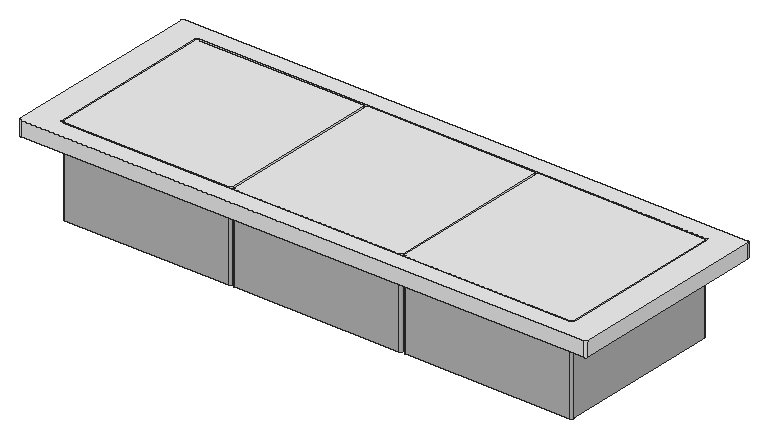
Revit family "Schneider_D-Life_3-elementos", category Electrical Fixtures, host Face, Revit 2015
Parameters (values of type "Estándar")
  Versión = "L2.00"  # constant formula
  Vacío.Espesor = 30 mm
  Tecla.Perpendicular [instance] = no
  Tecla.Anchura = 70 mm  # constant formula
  Símbolo3.dx.Control [instance] = Símbolo3.dx + 70 mm + Tecla.Anchura * 0  # 110 mm
  Símbolo3.dx [instance] = 40 mm
  Símbolo2.dx.Control [instance] = Símbolo2.dx + Tecla.Anchura * 0  # 0 mm
  Símbolo2.dx [instance] = 0 mm
  Símbolo1.dx.Control [instance] = Símbolo1.dx - 70 mm + Tecla.Anchura * 0  # -110 mm
  Símbolo.dy [instance] = 40 mm
  Símbolo1.dx [instance] = -40 mm
  Símbolo.Giro [instance] = 0.00°
  Simbolo.Símetria [instance] = no
  Revisado por = "000"  # constant formula
  Modificado por = "000"  # constant formula
  Modelado por = "034"  # constant formula
  Marco.Tipo = Schneider_D-Life_Marco_3-elementos : Ártico
  Elemento3.Tipo = Schneider_D-Life_Mecanismo-Tecla_Accesorios-Zumbador : Timbre-Ártico
  Elemento2.Tipo = Schneider_D-Life_Mecanismo-Tecla_Accesorios-Zumbador : Timbre-Ártico
  Elemento1.Tipo = Schneider_D-Life_Mecanismo-Tecla_Accesorios-Zumbador : Timbre-Ártico
  Desfase.Z.Positivo [instance] = if(Desfase > 0 mm, Desfase, 0 mm)  # 0 mm
  Desfase.Z.Negativo [instance] = if(Desfase < 0 mm, -1 * Desfase, 0 mm)  # 0 mm
  Desfase [instance] = 0 mm
  Default Elevation = 1000 mm
  Autor.URL = "www.a3d.es"
  Autor = "A3D Consulting"  # constant formula
Reference planes
  plane 1 "Centro (Frontal/Posterior)": y = 0
  plane 2: z = 0
  plane 3 "Centro (Izquierda/Derecha)": x = 0
  plane 4 "Geometría.Z.Positivo": z = 0
  plane 5 "Geometría.Z.Negativo": z = 0
  plane 6: x = -35
  plane 7: x = 35
Forms (mm)
  Sweep 1, void
    path origin (0, 0, 0) x (1, 0, 0) y (0, 0, 1)
      loop
        line (0, 0) -> (0, -30)
    profile origin (0, 0, -15) x (0, -1, 0) y (1, 0, 0)
      loop
        line (35, -104.45) -> (35, 104.45)
        arc (35, 104.45) -> (34.707, 105.157) -> (34, 105.45) r 1
        line (34, 105.45) -> (-34, 105.45)
        arc (-34, 105.45) -> (-34.707, 105.157) -> (-35, 104.45) r 1
        line (-35, 104.45) -> (-35, -104.45)
        arc (-35, -104.45) -> (-34.707, -105.157) -> (-34, -105.45) r 1
        line (-34, -105.45) -> (34, -105.45)
        arc (34, -105.45) -> (34.707, -105.157) -> (35, -104.45) r 1
Text (mm)
  text "A3D CONSULTING INTEGRATED BIM SOLUTIONS, S.L.\n\nCONTRATO DE LICENCIA DE USUARIO FINAL\n\n\n\n\n\nAVISO A LOS USUARIOS: LEA ATENTAMENTE EL SIGUIENTE CONTRATO ANTES DE CONTINUAR. EL USO DEL CONTENIDO BIM EN FORMATO REVIT QUE SE ACOMPAÑA DEL PRESENTE ACUERDO (\"CONTENIDO BIM A3D CONSULTING\") CONSTITUYE SU ACEPTACIÓN DE ESTOS TÉRMINOS. SI USTED NO ESTÁ DE ACUERDO CON LAS CONDICIONES DE ESTE ACUERDO NO ABRA, ACCEDA DIRECTA O INDIRECTAMENTE, MODIFIQUE,  COPIE NI USE EL CONTENIDO BIM A3D CONSULTING, NI TOTAL NI PARCIALMENTE. EL USO DEL CONTENIDO BIM A3D CONSULTING POR PARTE DEL USUARIO ESTÁ CONDICIONADO AL CUMPLIMIENTO POR EL MISMO DE LOS TÉRMINOS DE ESTE ACUERDO.\n\n\n\n1.\tDEFINICIONES\n\nEste contrato de licencia de usuario final para el Contenido BIM A3D Consulting (“CLUF”) constituye un acuerdo legal entre usted como usuario final (ya sea persona física o entidad legalmente reconocida) (el \"Titular de la licencia\") y A3D CONSULTING INTEGRATED BIM SOLUTIONS, S.L. para el Contenido BIM A3D Consulting que acompaña a este CLUF. El Contenido BIM A3D CONSULTING consiste en uno o varios archivos en formato Autodesk Revit, pudiendo incluir elementos y medios asociados, así como la documentación \"en línea\" o electrónica (\"Contenido BIM A3D Consulting \").\n\n\n\n2.\tCONCESIÓN DE LA LICENCIA\n\nA3D CONSULTING INTEGRATED BIM SOLUTIONS, S.L. le concede una licencia para utilizar y modificar el contenido BIM incluido en una copia de Contenido BIM A3D Consulting.  El \"Titular de la licencia \" designa a la empresa, entidad o persona física, cuyos fondos son utilizados para pagar la cuota de licencia. \"Uso\" designa la copia, el almacenaje, la carga, la instalación o la muestra del Contenido BIM A3D Consulting. En virtud del presente, el Titular de la licencia no puede alquilar, arrendar, ceder, prestar, vender ni sublicenciar el Contenido BIM A3D Consulting a otra persona física, empresa o entidad.\n\n\n\n3.\tPROPIEDAD\n\nA3D CONSULTING INTEGRATED BIM SOLUTIONS, S.L. es el propietario y el titular del copyright del Contenido BIM A3D Consulting. La licencia adquirida no confiere al Titular de la licencia ningún título o propiedad sobre el contenido y no debe interpretarse como una venta de ningún derecho.\n\n\n\n4.\tCOPYRIGHT\n\nEl Contenido BIM A3D Consulting está protegido por las leyes españolas del copyright, las disposiciones de los tratados internacionales y otras leyes aplicables. En virtud del presente, el Titular de la licencia reconoce que no se le transfiere ningún título de la propiedad intelectual de A3D CONSULTING INTEGRATED BIM SOLUTIONS, S.L.. Además, el Titular de la licencia reconoce que el título y todos los derechos de autor sobre el Contenido BIM A3D Consulting seguirán siendo propiedad exclusiva de A3D CONSULTING INTEGRATED BIM SOLUTIONS, S.L. y no adquirirá ningún derecho sobre el Contenido BIM A3D Consulting, a excepción de lo expresamente establecido en esta licencia.\n\n\n\n5.\tRESPONSABILIDAD\n\nEn virtud del presente, el Titular de la licencia acepta que defenderá, indemnizará y eximirá a A3D CONSULTING INTEGRATED BIM SOLUTIONS, S.L. de cualesquiera reclamaciones o responsabilidades derivadas del uso, uso indebido, distribución o ejecución del Contenido BIM A3D Consulting de A3D CONSULTING INTEGRATED BIM SOLUTIONS, S.L., incluyendo las reclamaciones presentadas en contra del Titular de la licencia por el uso de dicho  contenido. Asimismo, el Titular de la licencia acepta eximir de toda responsabilidad y proteger a A3D CONSULTING INTEGRATED BIM SOLUTIONS, S.L. frente a cualquier tipo de demandas civiles, legales o penales. Las cantidades derivadas de dichos procesos, incluyendo resoluciones y costas judiciales, correrán a cargo del Titular de la licencia.\n\n\n\n6.\tGARANTÍA\n\nDurante un periodo de 30 días, a contar a partir de la fecha de entrega del producto, A3D CONSULTING INTEGRATED BIM SOLUTIONS, S.L. garantiza que dicho producto está libre de defectos en los materiales y la mano de obra. En caso de incumplimiento de esta garantía, el Titular de la licencia recibirá como  única compensación el reemplazo del producto. El Contenido BIM A3D Consulting y cualquier documentación relacionada se proporcionan \"tal cual\", sin garantía de ningún tipo, ya sea expresa o implícita, incluyendo, a título enunciativo pero no limitativo, las garantías implícitas o comerciabilidad, la idoneidad para un propósito particular o la inexistencia de infracción. Cualquier riesgo derivado del uso o los resultados del Contenido BIM A3D Consulting correrá a cargo del licenciatario.\n\n\n\n7.\tLEGISLACIÓN APLICABLE\n\nTodos los aspectos del presente Contrato se regirán e interpretarán de conformidad con la legislación vigente en España.\n\n\n\n8.\tENMIENDAS\n\nA3D CONSULTING INTEGRATED BIM SOLUTIONS, S.L. se reserva el derecho de modificar este acuerdo en cualquier momento.\n\n\n\n9.\tAPLICABILIDAD\n\nEn caso de que alguna de las disposiciones de este acuerdo fuera nula o inaplicable, las partes acuerdan que dicha invalidez no afectará a la validez de las disposiciones restantes de este acuerdo.\n\n\n\n- FIN DEL CONTRATO DE LICENCIA DE USUARIO FINAL -\n\nBarcelona / España, 15.02.2015\n\nA3D CONSULTING INTEGRATED BIM SOLUTIONS, S.L." at (-2386.934, 1015.184, 0), in view "CLUF"
Dimensions and locks
  "Desfase.Z.Negativo": level to plane 5 "Geometría.Z.Negativo"
  "Desfase.Z.Positivo": plane 4 "Geometría.Z.Positivo" to plane 5 "Geometría.Z.Negativo"
  equal spacing: plane 6, plane 3 "Centro (Izquierda/Derecha)", plane 7
  "Tecla.Anchura": plane 6 to plane 7
  "Vacío.Espesor": plane 4 "Geometría.Z.Positivo" to Sweep 1 sketch curve
  aligned and locked: plane 2 to host face
  aligned and locked: level to host face
  aligned and locked: plane 5 "Geometría.Z.Negativo" to Sweep 1 sketch curve
  aligned and locked: Sweep 1 sketch curve to plane 3 "Centro (Izquierda/Derecha)"
  aligned and locked: plane 1 "Centro (Frontal/Posterior)" to nested 1
  aligned and locked: plane 3 "Centro (Izquierda/Derecha)" to nested 1
  aligned and locked: plane 3 "Centro (Izquierda/Derecha)" to nested 3
  aligned and locked: plane 1 "Centro (Frontal/Posterior)" to nested 2
  aligned and locked: plane 1 "Centro (Frontal/Posterior)" to nested 4
  aligned and locked: plane 1 "Centro (Frontal/Posterior)" to nested 3
Automatic sketch dimensions
  host sketch curve to host sketch curve = 2006.447 mm
  host sketch curve to host sketch curve = 2000 mm
Nested families
  nested 1: "Schneider_D-Life_Marco_3-elementos" at (0, 0, 0), type <- "Marco.Tipo", type "Ártico"
    with Schneider.D-Life.Cost 5.59
  nested 2: "Schneider_D-Life_Mecanismo-Tecla_Accesorios-Zumbador" at (70.15, 0, 0), type <- "Elemento3.Tipo", Tecla.Perpendicular <- "Tecla.Perpendicular", Símbolo.dx <- "Símbolo3.dx", Símbolo.dy <- "Símbolo.dy", Símbolo.Simetría <- "Simbolo.Símetria", Símbolo2.dx <- "Símbolo3.dx.Control", type "Timbre-Ártico"
    with Tecla.Perpendicular no, Símbolo2.dx 110 mm, Símbolo.dy 40 mm, Símbolo.dx 40 mm, Símbolo.Simetría no
  nested 3: "Schneider_D-Life_Mecanismo-Tecla_Accesorios-Zumbador" at (0, 0, 0), type <- "Elemento2.Tipo", Tecla.Perpendicular <- "Tecla.Perpendicular", Símbolo.dx <- "Símbolo2.dx", Símbolo.dy <- "Símbolo.dy", Símbolo.Simetría <- "Simbolo.Símetria", Símbolo2.dx <- "Símbolo2.dx.Control", type "Timbre-Ártico"
    with Tecla.Perpendicular no, Símbolo2.dx 0 mm, Símbolo.dy 40 mm, Símbolo.dx 0 mm, Símbolo.Simetría no
  nested 4: "Schneider_D-Life_Mecanismo-Tecla_Accesorios-Zumbador" at (-70.15, 0, 0), type <- "Elemento1.Tipo", Tecla.Perpendicular <- "Tecla.Perpendicular", Símbolo.dy <- "Símbolo.dy", Símbolo.dx <- "Símbolo1.dx", Símbolo.Simetría <- "Simbolo.Símetria", Símbolo2.dx <- "Símbolo1.dx.Control", type "Timbre-Ártico"
    with Tecla.Perpendicular no, Símbolo2.dx -110 mm, Símbolo.dy 40 mm, Símbolo.dx -40 mm, Símbolo.Simetría no
  nested 5: "Schneider_D-Life_Mecanismo_Accesorios_Timbre-electrónico" at (70.15, 0, 0), type "Timbre electrónico 5 melodías"
    with Símbolo2.dx 110 mm, Símbolo.dy.Control -40 mm, Símbolo.dy 40 mm, Símbolo.dx 40 mm, Símbolo.Simetría no, Símbolo.Control yes, Schneider.D-Life.Cost 60.08, Espesor 30 mm
  nested 6: "Schneider_D-Life_Tecla_Tapa_Tapa-ciega-zumbador" at (70.15, 0, 1), type "Ártico"
    with Ángulo.Control 0.00°, Tecla.Perpendicular no, Schneider.D-Life.Cost 6.3
  nested 7: "Schneider_D-Life_Mecanismo_Accesorios_Timbre-electrónico" at (0, 0, 0), type "Timbre electrónico 5 melodías"
    with Símbolo2.dx 0 mm, Símbolo.dy.Control -40 mm, Símbolo.dy 40 mm, Símbolo.dx 0 mm, Símbolo.Simetría no, Símbolo.Control yes, Schneider.D-Life.Cost 60.08, Espesor 30 mm
  nested 8: "Schneider_D-Life_Tecla_Tapa_Tapa-ciega-zumbador" at (0, 0, 1), type "Ártico"
    with Ángulo.Control 0.00°, Tecla.Perpendicular no, Schneider.D-Life.Cost 6.3
  nested 9: "Schneider_D-Life_Mecanismo_Accesorios_Timbre-electrónico" at (-70.15, 0, 0), type "Timbre electrónico 5 melodías"
    with Símbolo2.dx -110 mm, Símbolo.dy.Control -40 mm, Símbolo.dy 40 mm, Símbolo.dx -40 mm, Símbolo.Simetría no, Símbolo.Control yes, Schneider.D-Life.Cost 60.08, Espesor 30 mm
  nested 10: "Schneider_D-Life_Tecla_Tapa_Tapa-ciega-zumbador" at (-70.15, 0, 1), type "Ártico"
    with Ángulo.Control 0.00°, Tecla.Perpendicular no, Schneider.D-Life.Cost 6.3
Definition of nested family "Schneider_D-Life_Marco_3-elementos"
  Parameters (values of type "Estándar")
    Tecla.Longitud.Control = Tecla.Longitud * 0.8 + Espesor * 0  # 56.24 mm
    Tecla.Anchura.Control = Tecla.Anchura * 0.8 + Espesor * 0  # 56 mm
    Soporte.Espesor = 1 mm
    Schneider.D-Life.Ud.Vta = ""
    Schneider.D-Life.Reference = ""
    Schneider.D-Life.Emb = ""
    Schneider.D-Life.Cost = 0
    Revisado por = "000"  # constant formula
    Modificado por = "000"  # constant formula
    Modelado por = "034"  # constant formula
    Marco.Longitud.Control = (Marco.Longitud - 3 * Tecla.Longitud) / 2  # 11.1 mm
    Marco.Longitud = 233.1 mm
    Marco.Anchura.Control = (Marco.Anchura - Tecla.Anchura) / 2  # 7 mm
    Marco.Anchura = 84 mm
    Juntas.Desfase = 0.5 mm
    Default Elevation = 1219.2 mm
    Cuerpo.Redondeo = 1 mm
    Tecla.Anchura = 70 mm
    Espesor = 5 mm
    Versión = "L2.00"  # constant formula
    Material = none
    Tecla.Longitud = 70.3 mm
    Autor.URL = "www.a3d.es"
    Autor = "A3D Consulting"  # constant formula
    Anclaje.Recrecido = 1 mm
  Reference planes
    plane 1 "Centro (Frontal/Posterior)": y = 0
    plane 2: z = 0
    plane 3 "Centro (Izquierda/Derecha)": x = 0
    plane 4 "Izquierda": x = -105.45
    plane 5 "Derecha": x = 105.45
    plane 6 "Posterior": y = 35
    plane 7 "Frontal": y = -35
    plane 8 "Tapa.Superior": z = 6
    plane 9 "Tecla.Izquierda": x = -35.15
    plane 10 "Tecla.Derecha": x = 35.15
    plane 11 "Soporte.Cota": z = 1
    plane 12: x = -70.3
    plane 13: x = 70.3
  Forms (mm)
    Sweep 1, solid, material <- "Material"
      path origin (0, 0, 0) x (1, 0, 0) y (0, 0, 1)
        loop
          line (0, 6) -> (0, 0)
      profile origin (0, 0, 3) x (0, -1, 0) y (1, 0, 0)
        loop
          arc (-42, -115.55) -> (-41.707, -116.257) -> (-41, -116.55) r 1
          line (-41, -116.55) -> (41, -116.55)
          arc (41, -116.55) -> (41.707, -116.257) -> (42, -115.55) r 1
          line (42, -115.55) -> (42, 115.55)
          arc (42, 115.55) -> (41.707, 116.257) -> (41, 116.55) r 1
          line (41, 116.55) -> (-41, 116.55)
          arc (-41, 116.55) -> (-41.707, 116.257) -> (-42, 115.55) r 1
          line (-42, 115.55) -> (-42, -115.55)
        loop
          arc (-35, -104.45) -> (-34.707, -105.157) -> (-34, -105.45) r 1
          line (-34, -105.45) -> (34, -105.45)
          arc (34, -105.45) -> (34.707, -105.157) -> (35, -104.45) r 1
          line (35, -104.45) -> (35, 104.45)
          arc (35, 104.45) -> (34.707, 105.157) -> (34, 105.45) r 1
          line (34, 105.45) -> (-34, 105.45)
          arc (-34, 105.45) -> (-34.707, 105.157) -> (-35, 104.45) r 1
          line (-35, 104.45) -> (-35, -104.45)
    Sweep 2, solid, material <- "Material"
      path origin (0, 0, 0) x (1, 0, 0) y (0, 0, 1)
        loop
          line (0, 1) -> (0, 0)
      profile origin (0, 0, 0.5) x (0, -1, 0) y (1, 0, 0)
        loop
          arc (-35, -104.45) -> (-34.707, -105.157) -> (-34, -105.45) r 1
          line (-34, -105.45) -> (34, -105.45)
          arc (34, -105.45) -> (34.707, -105.157) -> (35, -104.45) r 1
          line (35, -104.45) -> (35, 104.45)
          arc (35, 104.45) -> (34.707, 105.157) -> (34, 105.45) r 1
          line (34, 105.45) -> (-34, 105.45)
          arc (-34, 105.45) -> (-34.707, 105.157) -> (-35, 104.45) r 1
          line (-35, 104.45) -> (-35, -104.45)
        loop
          line (-27, -86.572) -> (-27, -97.42) -> (-16.2, -97.42) -> (-16.2, -96.42) -> (-5.4, -96.42) -> (-5.4, -98.42) -> (5.4, -98.42) -> (5.4, -96.42) -> (16.2, -96.42) -> (16.2, -97.42) -> (27, -97.42) -> (27, -86.572) -> (26, -86.572) -> (26, -75.724) -> (28, -75.724) -> (28, -64.876) -> (26, -64.876) -> (26, -54.028) -> (27, -54.028) -> (27, -43.18) -> (16.2, -43.18) -> (16.2, -44.18) -> (5.4, -44.18) -> (5.4, -42.18) -> (-5.4, -42.18) -> (-5.4, -44.18) -> (-16.2, -44.18) -> (-16.2, -43.18) -> (-27, -43.18) -> (-27, -54.028) -> (-26, -54.028) -> (-26, -64.876) -> (-28, -64.876) -> (-28, -75.724) -> (-26, -75.724) -> (-26, -86.572) -> (-27, -86.572)
        loop
          line (-26, 5.424) -> (-28, 5.424) -> (-28, -5.424) -> (-26, -5.424) -> (-26, -16.272) -> (-27, -16.272) -> (-27, -27.12) -> (-16.2, -27.12) -> (-16.2, -26.12) -> (-5.4, -26.12) -> (-5.4, -28.12) -> (5.4, -28.12) -> (5.4, -26.12) -> (16.2, -26.12) -> (16.2, -27.12) -> (27, -27.12) -> (27, -16.272) -> (26, -16.272) -> (26, -5.424) -> (28, -5.424) -> (28, 5.424) -> (26, 5.424) -> (26, 16.272) -> (27, 16.272) -> (27, 27.12) -> (16.2, 27.12) -> (16.2, 26.12) -> (5.4, 26.12) -> (5.4, 28.12) -> (-5.4, 28.12) -> (-5.4, 26.12) -> (-16.2, 26.12) -> (-16.2, 27.12) -> (-27, 27.12) -> (-27, 16.272) -> (-26, 16.272) -> (-26, 5.424)
        loop
          line (-27, 43.18) -> (-16.2, 43.18) -> (-16.2, 44.18) -> (-5.4, 44.18) -> (-5.4, 42.18) -> (5.4, 42.18) -> (5.4, 44.18) -> (16.2, 44.18) -> (16.2, 43.18) -> (27, 43.18) -> (27, 54.028) -> (26, 54.028) -> (26, 64.876) -> (28, 64.876) -> (28, 75.724) -> (26, 75.724) -> (26, 86.572) -> (27, 86.572) -> (27, 97.42) -> (16.2, 97.42) -> (16.2, 96.42) -> (5.4, 96.42) -> (5.4, 98.42) -> (-5.4, 98.42) -> (-5.4, 96.42) -> (-16.2, 96.42) -> (-16.2, 97.42) -> (-27, 97.42) -> (-27, 86.572) -> (-26, 86.572) -> (-26, 75.724) -> (-28, 75.724) -> (-28, 64.876) -> (-26, 64.876) -> (-26, 54.028) -> (-27, 54.028) -> (-27, 43.18)
  Text (mm)
    text "A3D CONSULTING INTEGRATED BIM SOLUTIONS, S.L.\n\nCONTRATO DE LICENCIA DE USUARIO FINAL\n\n\n\n\n\nAVISO A LOS USUARIOS: LEA ATENTAMENTE EL SIGUIENTE CONTRATO ANTES DE CONTINUAR. EL USO DEL CONTENIDO BIM EN FORMATO REVIT QUE SE ACOMPAÑA DEL PRESENTE ACUERDO (\"CONTENIDO BIM A3D CONSULTING\") CONSTITUYE SU ACEPTACIÓN DE ESTOS TÉRMINOS. SI USTED NO ESTÁ DE ACUERDO CON LAS CONDICIONES DE ESTE ACUERDO NO ABRA, ACCEDA DIRECTA O INDIRECTAMENTE, MODIFIQUE,  COPIE NI USE EL CONTENIDO BIM A3D CONSULTING, NI TOTAL NI PARCIALMENTE. EL USO DEL CONTENIDO BIM A3D CONSULTING POR PARTE DEL USUARIO ESTÁ CONDICIONADO AL CUMPLIMIENTO POR EL MISMO DE LOS TÉRMINOS DE ESTE ACUERDO.\n\n\n\n1.\tDEFINICIONES\n\nEste contrato de licencia de usuario final para el Contenido BIM A3D Consulting (“CLUF”) constituye un acuerdo legal entre usted como usuario final (ya sea persona física o entidad legalmente reconocida) (el \"Titular de la licencia\") y A3D CONSULTING INTEGRATED BIM SOLUTIONS, S.L. para el Contenido BIM A3D Consulting que acompaña a este CLUF. El Contenido BIM A3D CONSULTING consiste en uno o varios archivos en formato Autodesk Revit, pudiendo incluir elementos y medios asociados, así como la documentación \"en línea\" o electrónica (\"Contenido BIM A3D Consulting \").\n\n\n\n2.\tCONCESIÓN DE LA LICENCIA\n\nA3D CONSULTING INTEGRATED BIM SOLUTIONS, S.L. le concede una licencia para utilizar y modificar el contenido BIM incluido en una copia de Contenido BIM A3D Consulting.  El \"Titular de la licencia \" designa a la empresa, entidad o persona física, cuyos fondos son utilizados para pagar la cuota de licencia. \"Uso\" designa la copia, el almacenaje, la carga, la instalación o la muestra del Contenido BIM A3D Consulting. En virtud del presente, el Titular de la licencia no puede alquilar, arrendar, ceder, prestar, vender ni sublicenciar el Contenido BIM A3D Consulting a otra persona física, empresa o entidad.\n\n\n\n3.\tPROPIEDAD\n\nA3D CONSULTING INTEGRATED BIM SOLUTIONS, S.L. es el propietario y el titular del copyright del Contenido BIM A3D Consulting. La licencia adquirida no confiere al Titular de la licencia ningún título o propiedad sobre el contenido y no debe interpretarse como una venta de ningún derecho.\n\n\n\n4.\tCOPYRIGHT\n\nEl Contenido BIM A3D Consulting está protegido por las leyes españolas del copyright, las disposiciones de los tratados internacionales y otras leyes aplicables. En virtud del presente, el Titular de la licencia reconoce que no se le transfiere ningún título de la propiedad intelectual de A3D CONSULTING INTEGRATED BIM SOLUTIONS, S.L.. Además, el Titular de la licencia reconoce que el título y todos los derechos de autor sobre el Contenido BIM A3D Consulting seguirán siendo propiedad exclusiva de A3D CONSULTING INTEGRATED BIM SOLUTIONS, S.L. y no adquirirá ningún derecho sobre el Contenido BIM A3D Consulting, a excepción de lo expresamente establecido en esta licencia.\n\n\n\n5.\tRESPONSABILIDAD\n\nEn virtud del presente, el Titular de la licencia acepta que defenderá, indemnizará y eximirá a A3D CONSULTING INTEGRATED BIM SOLUTIONS, S.L. de cualesquiera reclamaciones o responsabilidades derivadas del uso, uso indebido, distribución o ejecución del Contenido BIM A3D Consulting de A3D CONSULTING INTEGRATED BIM SOLUTIONS, S.L., incluyendo las reclamaciones presentadas en contra del Titular de la licencia por el uso de dicho  contenido. Asimismo, el Titular de la licencia acepta eximir de toda responsabilidad y proteger a A3D CONSULTING INTEGRATED BIM SOLUTIONS, S.L. frente a cualquier tipo de demandas civiles, legales o penales. Las cantidades derivadas de dichos procesos, incluyendo resoluciones y costas judiciales, correrán a cargo del Titular de la licencia.\n\n\n\n6.\tGARANTÍA\n\nDurante un periodo de 30 días, a contar a partir de la fecha de entrega del producto, A3D CONSULTING INTEGRATED BIM SOLUTIONS, S.L. garantiza que dicho producto está libre de defectos en los materiales y la mano de obra. En caso de incumplimiento de esta garantía, el Titular de la licencia recibirá como  única compensación el reemplazo del producto. El Contenido BIM A3D Consulting y cualquier documentación relacionada se proporcionan \"tal cual\", sin garantía de ningún tipo, ya sea expresa o implícita, incluyendo, a título enunciativo pero no limitativo, las garantías implícitas o comerciabilidad, la idoneidad para un propósito particular o la inexistencia de infracción. Cualquier riesgo derivado del uso o los resultados del Contenido BIM A3D Consulting correrá a cargo del licenciatario.\n\n\n\n7.\tLEGISLACIÓN APLICABLE\n\nTodos los aspectos del presente Contrato se regirán e interpretarán de conformidad con la legislación vigente en España.\n\n\n\n8.\tENMIENDAS\n\nA3D CONSULTING INTEGRATED BIM SOLUTIONS, S.L. se reserva el derecho de modificar este acuerdo en cualquier momento.\n\n\n\n9.\tAPLICABILIDAD\n\nEn caso de que alguna de las disposiciones de este acuerdo fuera nula o inaplicable, las partes acuerdan que dicha invalidez no afectará a la validez de las disposiciones restantes de este acuerdo.\n\n\n\n- FIN DEL CONTRATO DE LICENCIA DE USUARIO FINAL -\n\nBarcelona / España, 15.02.2015\n\nA3D CONSULTING INTEGRATED BIM SOLUTIONS, S.L." at (2.016, -2, 0), in view "CLUF"
  Dimensions and locks
    equal spacing: plane 7 "Frontal", plane 1 "Centro (Frontal/Posterior)", plane 6 "Posterior"
    "Tecla.Anchura": plane 7 "Frontal" to plane 6 "Posterior"
    "Marco.Anchura.Control": Sweep 1 sketch curve to plane 6 "Posterior"
    "Marco.Anchura.Control": Sweep 1 sketch curve to plane 7 "Frontal"
    "Marco.Longitud.Control": Sweep 1 sketch curve to plane 4 "Izquierda"
    "Marco.Longitud.Control": plane 5 "Derecha" to Sweep 1 sketch curve
    equal spacing: plane 9 "Tecla.Izquierda", plane 3 "Centro (Izquierda/Derecha)", plane 10 "Tecla.Derecha"
    "Tecla.Longitud": plane 9 "Tecla.Izquierda" to plane 10 "Tecla.Derecha"
    "Tecla.Longitud": plane 4 "Izquierda" to plane 9 "Tecla.Izquierda"
    "Tecla.Longitud": plane 10 "Tecla.Derecha" to plane 5 "Derecha"
    "Soporte.Espesor": plane 11 "Soporte.Cota" to plane 2
    "Espesor": plane 8 "Tapa.Superior" to plane 11 "Soporte.Cota"
    equal spacing: plane 4 "Izquierda", plane 12, plane 9 "Tecla.Izquierda"
    equal spacing: plane 10 "Tecla.Derecha", plane 13, plane 5 "Derecha"
    equal spacing: Sweep 2 sketch curve, plane 12, Sweep 2 sketch curve
    equal spacing: Sweep 2 sketch curve, plane 1 "Centro (Frontal/Posterior)", Sweep 2 sketch curve  (x3)
    equal spacing: Sweep 2 sketch curve, Sweep 2 sketch curve, Sweep 2 sketch curve, Sweep 2 sketch curve, Sweep 2 sketch curve, Sweep 2 sketch curve  (x6)
    "Tecla.Longitud.Control": Sweep 2 sketch curve to Sweep 2 sketch curve  (x3)
    "Tecla.Anchura.Control": Sweep 2 sketch curve to Sweep 2 sketch curve  (x3)
    "Anclaje.Recrecido": Sweep 2 sketch curve to Sweep 2 sketch curve  (x24)
    equal spacing: Sweep 2 sketch curve, plane 3 "Centro (Izquierda/Derecha)", Sweep 2 sketch curve
    equal spacing: Sweep 2 sketch curve, plane 13, Sweep 2 sketch curve
    "Cuerpo.Redondeo": radius of Sweep 1 sketch curve  (x8)
    "Cuerpo.Redondeo": radius of Sweep 2 sketch curve  (x4)
    aligned and locked: level to plane 2
    aligned and locked: plane 8 "Tapa.Superior" to Sweep 1 sketch curve
    aligned and locked: plane 2 to Sweep 1 sketch curve
    aligned and locked: Sweep 1 sketch curve to plane 3 "Centro (Izquierda/Derecha)"
    aligned and locked: plane 4 "Izquierda" to Sweep 1 sketch curve
    aligned and locked: Sweep 1 sketch curve to plane 7 "Frontal"
    aligned and locked: plane 5 "Derecha" to Sweep 1 sketch curve
    aligned and locked: Sweep 1 sketch curve to plane 6 "Posterior"
    aligned and locked: plane 2 to Sweep 2 sketch curve
    aligned and locked: plane 11 "Soporte.Cota" to Sweep 2 sketch curve
    aligned and locked: Sweep 2 sketch curve to plane 6 "Posterior"
    aligned and locked: plane 5 "Derecha" to Sweep 2 sketch curve
    aligned and locked: Sweep 2 sketch curve to plane 7 "Frontal"
    aligned and locked: plane 4 "Izquierda" to Sweep 2 sketch curve
    aligned and locked: Sweep 2 sketch curve to Sweep 2 sketch curve  (x46)
    aligned and locked: Sweep 2 sketch curve to plane 3 "Centro (Izquierda/Derecha)"
  Automatic sketch dimensions
    Sweep 2 sketch curve to Sweep 2 sketch curve = 10.8 mm
    Sweep 2 sketch curve to Sweep 2 sketch curve = 1 mm
Definition of nested family "Schneider_D-Life_Mecanismo_Accesorios_Timbre-electrónico"
  Parameters (values of type "Estándar")
    Tapa.Fondo.Espesor = 5 mm
    Símbolo2.dx [instance] = 0 mm
    Símbolo.dy.Control [instance] = -Símbolo.dy - Marco.Espesor * 0  # 0 mm
    Símbolo.dy [instance] = 0 mm
    Símbolo.dx [instance] = 0 mm
    Símbolo.Simetría [instance] = yes
    Símbolo.Control [instance] = not(Símbolo.Simetría)  # no
    Schneider.D-Life.Reference = ""
    Schneider.D-Life.Cost = 0
    Revisado por = "000"  # constant formula
    Marco.Espesor = 5 mm
    Agujero.Longitud = Longitud - Marco.Espesor * 2  # 60.3 mm
    Agujero.Anchura = Anchura - Marco.Espesor * 2  # 60 mm
    Modificado por = "000"  # constant formula
    Modelado por = "034"  # constant formula
    Juntas.Desfase = 0.5 mm
    Default Elevation = 1219.2 mm
    Cuerpo.Redondeo = 1 mm
    Anchura = 70 mm
    Espesor = 20 mm
    Versión = "L2.00"  # constant formula
    Material = none
    Longitud = 70.3 mm
    Autor.URL = "www.a3d.es"
    Autor = "A3D Consulting"  # constant formula
  Reference planes
    plane 1 "Centro (Frontal/Posterior)": y = 0
    plane 2: z = 0
    plane 3 "Centro (Izquierda/Derecha)": x = 0
    plane 4 "Izquierda": x = -35.15
    plane 5 "Derecha": x = 35.15
    plane 6 "Posterior": y = 35
    plane 7 "Frontal": y = -35
    plane 8 "Tecla.Izquierda": x = -34.65
    plane 9 "Tecla.Derecha": x = 34.65
    plane 10 "Tecla.Frontal": y = -34.5
    plane 11 "Tecla.Posterior": y = 34.5
    plane 12 "Mecanismo.Inferior": z = -20
    plane 13 "Tapa.Eje": z = -15
  Forms (mm)
    Sweep 1, void
      path origin (0, 34.5, 0) x (-1, 0, 0) y (0, 0, 1)
        loop
          line (34.65, 0) -> (34.65, -20)
      profile origin (-34.65, 34.5, -10) x (0, 1, 0) y (-1, 0, 0)
        loop
          line (0, 0) -> (-1, 0)
          arc (-1, 0) -> (-0.293, -0.293) -> (0, -1) r 1
          line (0, -1) -> (0, 0)
    Sweep 2, void
      path origin (38.686, 34.5, 0) x (-1, 0, 0) y (0, 0, 1)
        loop
          line (4.036, 0) -> (4.036, -20)
      profile origin (34.65, 34.5, -10) x (0, 1, 0) y (-1, 0, 0)
        loop
          line (0, 0) -> (0, 1)
          arc (0, 1) -> (-0.293, 0.293) -> (-1, 0) r 1
          line (-1, 0) -> (0, 0)
    Sweep 3, void
      path origin (0, -34.5, 0) x (-1, 0, 0) y (0, 0, 1)
        loop
          line (34.65, 0) -> (34.65, -20)
      profile origin (-34.65, -34.5, -10) x (0, 1, 0) y (-1, 0, 0)
        loop
          line (0, 0) -> (0, -1)
          arc (0, -1) -> (0.293, -0.293) -> (1, 0) r 1
          line (1, 0) -> (0, 0)
    Sweep 4, void
      path origin (0, -34.5, 0) x (-1, 0, 0) y (0, 0, 1)
        loop
          line (-34.65, 0) -> (-34.65, -20)
      profile origin (34.65, -34.5, -10) x (0, 1, 0) y (-1, 0, 0)
        loop
          line (0, 0) -> (1, 0)
          arc (1, 0) -> (0.293, 0.293) -> (0, 1) r 1
          line (0, 1) -> (0, 0)
    Sweep 5, solid, material <- "Material"
      path origin (0, 0, 0) x (1, 0, 0) y (0, 0, 1)
        loop
          line (0, -20) -> (0, -15)
      profile origin (0, 0, -17.5) x (-1, 0, 0) y (0, -1, 0)
        loop
          line (-34.65, -34.5) -> (34.65, -34.5) -> (34.65, 34.5) -> (-34.65, 34.5) -> (-34.65, -34.5)
    Sweep 6, solid, material <- "Material"
      path origin (0, 0, 0) x (1, 0, 0) y (0, 0, 1)
        loop
          line (0, 0) -> (0, -15)
      profile origin (0, 0, -7.5) x (0, -1, 0) y (1, 0, 0)
        loop
          line (-34.5, -34.65) -> (34.5, -34.65) -> (34.5, 34.65) -> (-34.5, 34.65) -> (-34.5, -34.65)
        loop
          arc (-30, -29.15) -> (-29.707, -29.857) -> (-29, -30.15) r 1
          line (-29, -30.15) -> (29, -30.15)
          arc (29, -30.15) -> (29.707, -29.857) -> (30, -29.15) r 1
          line (30, -29.15) -> (30, 29.15)
          arc (30, 29.15) -> (29.707, 29.857) -> (29, 30.15) r 1
          line (29, 30.15) -> (-29, 30.15)
          arc (-29, 30.15) -> (-29.707, 29.857) -> (-30, 29.15) r 1
          line (-30, 29.15) -> (-30, -29.15)
  Cuts and joins
    Sweep 1, Sweep 2, Sweep 3, Sweep 4 cuts Sweep 5
    Sweep 1, Sweep 2, Sweep 3, Sweep 4 cuts Sweep 6
    joined: Sweep 5, Sweep 6
  Text (mm)
    text "A3D CONSULTING INTEGRATED BIM SOLUTIONS, S.L.\n\nCONTRATO DE LICENCIA DE USUARIO FINAL\n\n\n\n\n\nAVISO A LOS USUARIOS: LEA ATENTAMENTE EL SIGUIENTE CONTRATO ANTES DE CONTINUAR. EL USO DEL CONTENIDO BIM EN FORMATO REVIT QUE SE ACOMPAÑA DEL PRESENTE ACUERDO (\"CONTENIDO BIM A3D CONSULTING\") CONSTITUYE SU ACEPTACIÓN DE ESTOS TÉRMINOS. SI USTED NO ESTÁ DE ACUERDO CON LAS CONDICIONES DE ESTE ACUERDO NO ABRA, ACCEDA DIRECTA O INDIRECTAMENTE, MODIFIQUE,  COPIE NI USE EL CONTENIDO BIM A3D CONSULTING, NI TOTAL NI PARCIALMENTE. EL USO DEL CONTENIDO BIM A3D CONSULTING POR PARTE DEL USUARIO ESTÁ CONDICIONADO AL CUMPLIMIENTO POR EL MISMO DE LOS TÉRMINOS DE ESTE ACUERDO.\n\n\n\n1.\tDEFINICIONES\n\nEste contrato de licencia de usuario final para el Contenido BIM A3D Consulting (“CLUF”) constituye un acuerdo legal entre usted como usuario final (ya sea persona física o entidad legalmente reconocida) (el \"Titular de la licencia\") y A3D CONSULTING INTEGRATED BIM SOLUTIONS, S.L. para el Contenido BIM A3D Consulting que acompaña a este CLUF. El Contenido BIM A3D CONSULTING consiste en uno o varios archivos en formato Autodesk Revit, pudiendo incluir elementos y medios asociados, así como la documentación \"en línea\" o electrónica (\"Contenido BIM A3D Consulting \").\n\n\n\n2.\tCONCESIÓN DE LA LICENCIA\n\nA3D CONSULTING INTEGRATED BIM SOLUTIONS, S.L. le concede una licencia para utilizar y modificar el contenido BIM incluido en una copia de Contenido BIM A3D Consulting.  El \"Titular de la licencia \" designa a la empresa, entidad o persona física, cuyos fondos son utilizados para pagar la cuota de licencia. \"Uso\" designa la copia, el almacenaje, la carga, la instalación o la muestra del Contenido BIM A3D Consulting. En virtud del presente, el Titular de la licencia no puede alquilar, arrendar, ceder, prestar, vender ni sublicenciar el Contenido BIM A3D Consulting a otra persona física, empresa o entidad.\n\n\n\n3.\tPROPIEDAD\n\nA3D CONSULTING INTEGRATED BIM SOLUTIONS, S.L. es el propietario y el titular del copyright del Contenido BIM A3D Consulting. La licencia adquirida no confiere al Titular de la licencia ningún título o propiedad sobre el contenido y no debe interpretarse como una venta de ningún derecho.\n\n\n\n4.\tCOPYRIGHT\n\nEl Contenido BIM A3D Consulting está protegido por las leyes españolas del copyright, las disposiciones de los tratados internacionales y otras leyes aplicables. En virtud del presente, el Titular de la licencia reconoce que no se le transfiere ningún título de la propiedad intelectual de A3D CONSULTING INTEGRATED BIM SOLUTIONS, S.L.. Además, el Titular de la licencia reconoce que el título y todos los derechos de autor sobre el Contenido BIM A3D Consulting seguirán siendo propiedad exclusiva de A3D CONSULTING INTEGRATED BIM SOLUTIONS, S.L. y no adquirirá ningún derecho sobre el Contenido BIM A3D Consulting, a excepción de lo expresamente establecido en esta licencia.\n\n\n\n5.\tRESPONSABILIDAD\n\nEn virtud del presente, el Titular de la licencia acepta que defenderá, indemnizará y eximirá a A3D CONSULTING INTEGRATED BIM SOLUTIONS, S.L. de cualesquiera reclamaciones o responsabilidades derivadas del uso, uso indebido, distribución o ejecución del Contenido BIM A3D Consulting de A3D CONSULTING INTEGRATED BIM SOLUTIONS, S.L., incluyendo las reclamaciones presentadas en contra del Titular de la licencia por el uso de dicho  contenido. Asimismo, el Titular de la licencia acepta eximir de toda responsabilidad y proteger a A3D CONSULTING INTEGRATED BIM SOLUTIONS, S.L. frente a cualquier tipo de demandas civiles, legales o penales. Las cantidades derivadas de dichos procesos, incluyendo resoluciones y costas judiciales, correrán a cargo del Titular de la licencia.\n\n\n\n6.\tGARANTÍA\n\nDurante un periodo de 30 días, a contar a partir de la fecha de entrega del producto, A3D CONSULTING INTEGRATED BIM SOLUTIONS, S.L. garantiza que dicho producto está libre de defectos en los materiales y la mano de obra. En caso de incumplimiento de esta garantía, el Titular de la licencia recibirá como  única compensación el reemplazo del producto. El Contenido BIM A3D Consulting y cualquier documentación relacionada se proporcionan \"tal cual\", sin garantía de ningún tipo, ya sea expresa o implícita, incluyendo, a título enunciativo pero no limitativo, las garantías implícitas o comerciabilidad, la idoneidad para un propósito particular o la inexistencia de infracción. Cualquier riesgo derivado del uso o los resultados del Contenido BIM A3D Consulting correrá a cargo del licenciatario.\n\n\n\n7.\tLEGISLACIÓN APLICABLE\n\nTodos los aspectos del presente Contrato se regirán e interpretarán de conformidad con la legislación vigente en España.\n\n\n\n8.\tENMIENDAS\n\nA3D CONSULTING INTEGRATED BIM SOLUTIONS, S.L. se reserva el derecho de modificar este acuerdo en cualquier momento.\n\n\n\n9.\tAPLICABILIDAD\n\nEn caso de que alguna de las disposiciones de este acuerdo fuera nula o inaplicable, las partes acuerdan que dicha invalidez no afectará a la validez de las disposiciones restantes de este acuerdo.\n\n\n\n- FIN DEL CONTRATO DE LICENCIA DE USUARIO FINAL -\n\nBarcelona / España, 15.02.2015\n\nA3D CONSULTING INTEGRATED BIM SOLUTIONS, S.L." at (2.016, -2, 0), in view "CLUF"
  Dimensions and locks
    equal spacing: plane 4 "Izquierda", plane 3 "Centro (Izquierda/Derecha)", plane 5 "Derecha"
    "Longitud": plane 4 "Izquierda" to plane 5 "Derecha"
    equal spacing: plane 7 "Frontal", plane 1 "Centro (Frontal/Posterior)", plane 6 "Posterior"
    "Anchura": plane 7 "Frontal" to plane 6 "Posterior"
    "Juntas.Desfase": plane 7 "Frontal" to plane 10 "Tecla.Frontal"
    "Juntas.Desfase": plane 6 "Posterior" to plane 11 "Tecla.Posterior"
    "Juntas.Desfase": plane 4 "Izquierda" to plane 8 "Tecla.Izquierda"
    "Juntas.Desfase": plane 9 "Tecla.Derecha" to plane 5 "Derecha"
    "Cuerpo.Redondeo": plane 8 "Tecla.Izquierda" to Sweep 1 sketch curve
    "Cuerpo.Redondeo": plane 11 "Tecla.Posterior" to Sweep 1 sketch curve
    "Cuerpo.Redondeo": Sweep 2 sketch curve to plane 9 "Tecla.Derecha"
    "Cuerpo.Redondeo": plane 11 "Tecla.Posterior" to Sweep 2 sketch curve
    "Cuerpo.Redondeo": plane 8 "Tecla.Izquierda" to Sweep 3 sketch curve
    "Cuerpo.Redondeo": Sweep 3 sketch curve to plane 10 "Tecla.Frontal"
    "Cuerpo.Redondeo": Sweep 4 sketch curve to plane 10 "Tecla.Frontal"
    "Cuerpo.Redondeo": Sweep 4 sketch curve to plane 9 "Tecla.Derecha"
    "Espesor": plane 2 to plane 12 "Mecanismo.Inferior"
    "Tapa.Fondo.Espesor": plane 13 "Tapa.Eje" to plane 12 "Mecanismo.Inferior"
    equal spacing: Sweep 6 sketch curve, plane 3 "Centro (Izquierda/Derecha)", Sweep 6 sketch curve
    "Agujero.Longitud": Sweep 6 sketch curve to Sweep 6 sketch curve
    equal spacing: Sweep 6 sketch curve, plane 1 "Centro (Frontal/Posterior)", Sweep 6 sketch curve
    "Agujero.Anchura": Sweep 6 sketch curve to Sweep 6 sketch curve
    "Cuerpo.Redondeo": radius of Sweep 1 sketch curve
    "Cuerpo.Redondeo": radius of Sweep 2 sketch curve
    "Cuerpo.Redondeo": radius of Sweep 3 sketch curve
    "Cuerpo.Redondeo": radius of Sweep 4 sketch curve
    "Cuerpo.Redondeo": radius of Sweep 6 sketch curve  (x4)
    aligned and locked: level to plane 2
    aligned and locked: Sweep 1 sketch curve to plane 8 "Tecla.Izquierda"
    aligned and locked: plane 8 "Tecla.Izquierda" to Sweep 1 sketch curve
    aligned and locked: Sweep 1 sketch curve to plane 11 "Tecla.Posterior"
    aligned and locked: Sweep 2 sketch curve to plane 9 "Tecla.Derecha"
    aligned and locked: plane 11 "Tecla.Posterior" to Sweep 2 sketch curve
    aligned and locked: plane 9 "Tecla.Derecha" to Sweep 2 sketch curve
    aligned and locked: Sweep 3 sketch curve to plane 8 "Tecla.Izquierda"  (x2)
    aligned and locked: Sweep 4 sketch curve to plane 9 "Tecla.Derecha"  (x2)
    aligned and locked: Sweep 3 sketch curve to plane 10 "Tecla.Frontal"
    aligned and locked: plane 10 "Tecla.Frontal" to Sweep 4 sketch curve
    aligned and locked: Sweep 5 sketch curve to plane 3 "Centro (Izquierda/Derecha)"
    aligned and locked: plane 13 "Tapa.Eje" to Sweep 6 sketch curve
    aligned and locked: Sweep 6 sketch curve to plane 3 "Centro (Izquierda/Derecha)"
    aligned and locked: plane 10 "Tecla.Frontal" to Sweep 6 sketch curve
    aligned and locked: Sweep 6 sketch curve to plane 9 "Tecla.Derecha"
    aligned and locked: Sweep 6 sketch curve to plane 11 "Tecla.Posterior"
    aligned and locked: plane 8 "Tecla.Izquierda" to Sweep 6 sketch curve
    aligned and locked: plane 12 "Mecanismo.Inferior" to Sweep 5 sketch curve
    aligned and locked: plane 13 "Tapa.Eje" to Sweep 5 sketch curve
    aligned and locked: plane 2 to Sweep 6 sketch curve
    aligned and locked: plane 12 "Mecanismo.Inferior" to Sweep 3 sketch curve
    aligned and locked: plane 2 to Sweep 3 sketch curve
    aligned and locked: plane 12 "Mecanismo.Inferior" to Sweep 1 sketch curve
    aligned and locked: plane 2 to Sweep 1 sketch curve
    aligned and locked: plane 12 "Mecanismo.Inferior" to Sweep 4 sketch curve
    aligned and locked: plane 2 to Sweep 4 sketch curve
    aligned and locked: plane 12 "Mecanismo.Inferior" to Sweep 2 sketch curve
    aligned and locked: plane 2 to Sweep 2 sketch curve
    aligned and locked: Sweep 5 sketch curve to plane 11 "Tecla.Posterior"
    aligned and locked: plane 8 "Tecla.Izquierda" to Sweep 5 sketch curve
    aligned and locked: Sweep 5 sketch curve to plane 9 "Tecla.Derecha"
    aligned and locked: plane 10 "Tecla.Frontal" to Sweep 5 sketch curve
  Nested families
    nested 1: "Schneider_Símbolo_Timbre" at (0, 0, 0) x (0, 1, 0) z (1, 0, 0), Desfase.X <- "Símbolo2.dx", Desfase.Y <- "Símbolo.dy", visible <- "Símbolo.Control", Visibilidad <- "Símbolo.Control", type "Estándar"
      with Visibilidad no, Desfase.Y.Positivo 0 mm, Desfase.Y.Negativo 0 mm, Desfase.Y 0 mm, Desfase.X.Positivo 0 mm, Desfase.X.Negativo 0 mm, Desfase.X 0 mm
    nested 2: "Schneider_Símbolo_Timbre" at (0, 0, 0) x (1, 0, 0) z (0, -1, 0), Desfase.X <- "Símbolo.dx", Desfase.Y <- "Símbolo.dy", visible <- "Símbolo.Control", Visibilidad <- "Símbolo.Control", type "Estándar"
      with Visibilidad no, Desfase.Y.Positivo 0 mm, Desfase.Y.Negativo 0 mm, Desfase.Y 0 mm, Desfase.X.Positivo 0 mm, Desfase.X.Negativo 0 mm, Desfase.X 0 mm
    nested 3: "Schneider_Símbolo_Timbre" at (0, 0, 100) x (0, 1, 0) z (1, 0, 0), Desfase.X <- "Símbolo2.dx", Desfase.Y <- "Símbolo.dy.Control", visible <- "Símbolo.Simetría", Visibilidad <- "Símbolo.Simetría", type "Estándar"
      with Visibilidad yes, Desfase.Y.Positivo 0 mm, Desfase.Y.Negativo 0 mm, Desfase.Y 0 mm, Desfase.X.Positivo 0 mm, Desfase.X.Negativo 0 mm, Desfase.X 0 mm
    nested 4: "Schneider_Símbolo_Timbre" at (0, 0, 100) x (1, 0, 0) z (0, -1, 0), Desfase.X <- "Símbolo.dx", Desfase.Y <- "Símbolo.dy.Control", Visibilidad <- "Símbolo.Simetría", visible <- "Símbolo.Simetría", type "Estándar"
      with Visibilidad yes, Desfase.Y.Positivo 0 mm, Desfase.Y.Negativo 0 mm, Desfase.Y 0 mm, Desfase.X.Positivo 0 mm, Desfase.X.Negativo 0 mm, Desfase.X 0 mm
  Definition of nested family "Schneider_Símbolo_Timbre"
    Parameters (values of type "Estándar")
      Versión = "L2.00"  # constant formula
      Desfase.Y [instance] = 0 mm
      Desfase.X [instance] = 0 mm
      Visibilidad [instance] = yes
      Revisado por = "000"  # constant formula
      Modificado por = "000"  # constant formula
      Modelado por = "000"  # constant formula
      Desfase.Y.Negativo [instance] = if(Desfase.Y < 0 mm, -1 * Desfase.Y, 0 mm)  # 0 mm
      Desfase.Y.Positivo [instance] = if(Desfase.Y > 0 mm, Desfase.Y, 0 mm)  # 0 mm
      Desfase.X.Negativo [instance] = if(Desfase.X < 0 mm, -1 * Desfase.X, 0 mm)  # 0 mm
      Desfase.X.Positivo [instance] = if(Desfase.X > 0 mm, Desfase.X, 0 mm)  # 0 mm
      Autor.URL = "www.a3d.es"
      Autor = "A3D Consulting"  # constant formula
    Reference planes
      plane 1 "Center (Front/Back)": y = 0
      plane 2: z = 0
      plane 3 "Center (Left/Right)": x = 0
      plane 4 "X.Positivo": x = 0
      plane 5 "X.Negativo": x = 0
      plane 6 "Y.Negativo": y = 0
      plane 7 "Y.Positivo": y = 0
    Lines and regions (mm)
      reference lines, in view "Ref. Level", not visible
        curve 1: line (0, 0, 0) -> (25, 0, 0)
      detail lines, in view "Ref. Level", not visible
        curve 2: circle (290.626, 267.526, 0) r 7.463 normal (0, 0, 1)
        curve 3: line (277.5, 299.89, 0) -> (322.5, 299.89, 0)
        curve 4: line (277.5, 254.89, 0) -> (277.5, 299.89, 0)
        curve 5: line (322.5, 254.89, 0) -> (277.5, 254.89, 0)
        curve 6: line (322.5, 299.89, 0) -> (322.5, 254.89, 0)
        curve 7: line (294.69, 273.786, 0) -> (309.688, 296.88, 0)
        curve 8: line (309.688, 296.88, 0) -> (317.009, 292.126, 0)
      detail lines, in view "Ref. Level", visible <- "Visibilidad"
        curve 9: line (-50, 100, 0) -> (50, 100, 0)
        curve 10: line (-50, 0, 0) -> (-50, 100, 0)
        curve 11: line (50, 0, 0) -> (-50, 0, 0)
        curve 12: line (50, 100, 0) -> (50, 0, 0)
        curve 13: line (-18.352, 30.209, 0) -> (-18.352, 54.195, 0)
        curve 14: line (18.352, 30.209, 0) -> (18.352, 54.195, 0)
        curve 15: line (28.352, 54.195, 0) -> (-28.352, 54.195, 0)
        curve 16: arc (28.352, 54.195, 0) -> (0, 76.266, 0) -> (-28.352, 54.195, 0) r 29.245
    Text (mm)
      text "A3D CONSULTING INTEGRATED BIM SOLUTIONS, S.L.\n\nCONTRATO DE LICENCIA DE USUARIO FINAL\n\n\n\n\n\nAVISO A LOS USUARIOS: LEA ATENTAMENTE EL SIGUIENTE CONTRATO ANTES DE CONTINUAR. EL USO DEL CONTENIDO BIM EN FORMATO REVIT QUE SE ACOMPAÑA DEL PRESENTE ACUERDO (\"CONTENIDO BIM A3D CONSULTING\") CONSTITUYE SU ACEPTACIÓN DE ESTOS TÉRMINOS. SI USTED NO ESTÁ DE ACUERDO CON LAS CONDICIONES DE ESTE ACUERDO NO ABRA, ACCEDA DIRECTA O INDIRECTAMENTE, MODIFIQUE,  COPIE NI USE EL CONTENIDO BIM A3D CONSULTING, NI TOTAL NI PARCIALMENTE. EL USO DEL CONTENIDO BIM A3D CONSULTING POR PARTE DEL USUARIO ESTÁ CONDICIONADO AL CUMPLIMIENTO POR EL MISMO DE LOS TÉRMINOS DE ESTE ACUERDO.\n\n\n\n1.\tDEFINICIONES\n\nEste contrato de licencia de usuario final para el Contenido BIM A3D Consulting (“CLUF”) constituye un acuerdo legal entre usted como usuario final (ya sea persona física o entidad legalmente reconocida) (el \"Titular de la licencia\") y A3D CONSULTING INTEGRATED BIM SOLUTIONS, S.L. para el Contenido BIM A3D Consulting que acompaña a este CLUF. El Contenido BIM A3D CONSULTING consiste en uno o varios archivos en formato Autodesk Revit, pudiendo incluir elementos y medios asociados, así como la documentación \"en línea\" o electrónica (\"Contenido BIM A3D Consulting \").\n\n\n\n2.\tCONCESIÓN DE LA LICENCIA\n\nA3D CONSULTING INTEGRATED BIM SOLUTIONS, S.L. le concede una licencia para utilizar y modificar el contenido BIM incluido en una copia de Contenido BIM A3D Consulting.  El \"Titular de la licencia \" designa a la empresa, entidad o persona física, cuyos fondos son utilizados para pagar la cuota de licencia. \"Uso\" designa la copia, el almacenaje, la carga, la instalación o la muestra del Contenido BIM A3D Consulting. En virtud del presente, el Titular de la licencia no puede alquilar, arrendar, ceder, prestar, vender ni sublicenciar el Contenido BIM A3D Consulting a otra persona física, empresa o entidad.\n\n\n\n3.\tPROPIEDAD\n\nA3D CONSULTING INTEGRATED BIM SOLUTIONS, S.L. es el propietario y el titular del copyright del Contenido BIM A3D Consulting. La licencia adquirida no confiere al Titular de la licencia ningún título o propiedad sobre el contenido y no debe interpretarse como una venta de ningún derecho.\n\n\n\n4.\tCOPYRIGHT\n\nEl Contenido BIM A3D Consulting está protegido por las leyes españolas del copyright, las disposiciones de los tratados internacionales y otras leyes aplicables. En virtud del presente, el Titular de la licencia reconoce que no se le transfiere ningún título de la propiedad intelectual de A3D CONSULTING INTEGRATED BIM SOLUTIONS, S.L.. Además, el Titular de la licencia reconoce que el título y todos los derechos de autor sobre el Contenido BIM A3D Consulting seguirán siendo propiedad exclusiva de A3D CONSULTING INTEGRATED BIM SOLUTIONS, S.L. y no adquirirá ningún derecho sobre el Contenido BIM A3D Consulting, a excepción de lo expresamente establecido en esta licencia.\n\n\n\n5.\tRESPONSABILIDAD\n\nEn virtud del presente, el Titular de la licencia acepta que defenderá, indemnizará y eximirá a A3D CONSULTING INTEGRATED BIM SOLUTIONS, S.L. de cualesquiera reclamaciones o responsabilidades derivadas del uso, uso indebido, distribución o ejecución del Contenido BIM A3D Consulting de A3D CONSULTING INTEGRATED BIM SOLUTIONS, S.L., incluyendo las reclamaciones presentadas en contra del Titular de la licencia por el uso de dicho  contenido. Asimismo, el Titular de la licencia acepta eximir de toda responsabilidad y proteger a A3D CONSULTING INTEGRATED BIM SOLUTIONS, S.L. frente a cualquier tipo de demandas civiles, legales o penales. Las cantidades derivadas de dichos procesos, incluyendo resoluciones y costas judiciales, correrán a cargo del Titular de la licencia.\n\n\n\n6.\tGARANTÍA\n\nDurante un periodo de 30 días, a contar a partir de la fecha de entrega del producto, A3D CONSULTING INTEGRATED BIM SOLUTIONS, S.L. garantiza que dicho producto está libre de defectos en los materiales y la mano de obra. En caso de incumplimiento de esta garantía, el Titular de la licencia recibirá como  única compensación el reemplazo del producto. El Contenido BIM A3D Consulting y cualquier documentación relacionada se proporcionan \"tal cual\", sin garantía de ningún tipo, ya sea expresa o implícita, incluyendo, a título enunciativo pero no limitativo, las garantías implícitas o comerciabilidad, la idoneidad para un propósito particular o la inexistencia de infracción. Cualquier riesgo derivado del uso o los resultados del Contenido BIM A3D Consulting correrá a cargo del licenciatario.\n\n\n\n7.\tLEGISLACIÓN APLICABLE\n\nTodos los aspectos del presente Contrato se regirán e interpretarán de conformidad con la legislación vigente en España.\n\n\n\n8.\tENMIENDAS\n\nA3D CONSULTING INTEGRATED BIM SOLUTIONS, S.L. se reserva el derecho de modificar este acuerdo en cualquier momento.\n\n\n\n9.\tAPLICABILIDAD\n\nEn caso de que alguna de las disposiciones de este acuerdo fuera nula o inaplicable, las partes acuerdan que dicha invalidez no afectará a la validez de las disposiciones restantes de este acuerdo.\n\n\n\n- FIN DEL CONTRATO DE LICENCIA DE USUARIO FINAL -\n\nBarcelona / España, 15.02.2015\n\nA3D CONSULTING INTEGRATED BIM SOLUTIONS, S.L." at (-1988.729, -511.825, 0), in view "Ref. Level"
      text "Esta Família es un detalle genérico y la categoría de las lineas es \"elemento de Detalle\".\n\nSi se quiere generar un detalle específico para una familia, hay que crear la subcategoria pertinente (Por ej. IE.ALUM, si fuera para un detalle de Alumbrado)" at (-498.677, 771.012, 0), in view "Ref. Level"
    Dimensions and locks
      "Desfase.X.Negativo": plane 5 "X.Negativo" to plane 3 "Center (Left/Right)"
      "Desfase.X.Positivo": plane 5 "X.Negativo" to plane 4 "X.Positivo"
      "Desfase.Y.Negativo": plane 6 "Y.Negativo" to plane 1 "Center (Front/Back)"
      "Desfase.Y.Positivo": plane 6 "Y.Negativo" to plane 7 "Y.Positivo"
      aligned and locked: plane 4 "X.Positivo" to curve 1
      aligned and locked: plane 7 "Y.Positivo" to curve 1
    Automatic sketch dimensions
      curve 1 to curve 1 = 25 mm
      curve 11 to curve 1 = 0 mm
      curve 11 to curve 1 = 50 mm
      curve 1 to curve 9 = 25 mm
      curve 1 to curve 10 = 100 mm
      curve 16 to curve 1 = 0 mm
      curve 1 to curve 16 = 47.021 mm
      curve 16 to curve 13 = 10 mm
      curve 14 to curve 1 = 6.648 mm
      curve 1 to curve 15 = 3.352 mm
      curve 1 to curve 13 = 30.209 mm
      curve 1 to curve 14 = 30.209 mm
      curve 13 to curve 16 = 23.986 mm
Definition of nested family "Schneider_D-Life_Tecla_Tapa_Tapa-ciega-zumbador"
  Parameters (values of type "Estándar")
    Ángulo.Control [instance] = if(Tecla.Perpendicular, 90.00°, 0.00°)  # 0.00°
    Version = "L2.00"  # constant formula
    Tecla.Perpendicular [instance] = no
    Schneider.D-Life.Reference = ""
    Schneider.D-Life.Cost = 0
    Revisado por = "000"  # constant formula
    Modificado por = "000"  # constant formula
    Modelado por = "034"  # constant formula
    Material = none
    Longitud = 70.3 mm
    Juntas.Desfase = 0.5 mm
    Espesor = 5 mm
    Default Elevation = 1219.2 mm
    Cuerpo.Redondeo = 1 mm
    Autor.URL = "www.a3d.es"
    Autor = "A3D Consulting"  # constant formula
    Anchura = 70 mm
  Reference planes
    plane 1 "Centro (Frontal/Posterior)": y = 0
    plane 2: z = 0
    plane 3 "Centro (Izquierda/Derecha)": x = 0
    plane 4 "Superior": z = 200
    plane 5 "Inferior": z = -200
  Lines and regions (mm)
    reference lines
      curve 1: line (0, 0, 0) -> (700, 0, 0)
      curve 2: line (0, 0, 0) -> (0, 240, 0)
  Text (mm)
    text "A3D CONSULTING INTEGRATED BIM SOLUTIONS, S.L.\n\nCONTRATO DE LICENCIA DE USUARIO FINAL\n\n\n\n\n\nAVISO A LOS USUARIOS: LEA ATENTAMENTE EL SIGUIENTE CONTRATO ANTES DE CONTINUAR. EL USO DEL CONTENIDO BIM EN FORMATO REVIT QUE SE ACOMPAÑA DEL PRESENTE ACUERDO (\"CONTENIDO BIM A3D CONSULTING\") CONSTITUYE SU ACEPTACIÓN DE ESTOS TÉRMINOS. SI USTED NO ESTÁ DE ACUERDO CON LAS CONDICIONES DE ESTE ACUERDO NO ABRA, ACCEDA DIRECTA O INDIRECTAMENTE, MODIFIQUE,  COPIE NI USE EL CONTENIDO BIM A3D CONSULTING, NI TOTAL NI PARCIALMENTE. EL USO DEL CONTENIDO BIM A3D CONSULTING POR PARTE DEL USUARIO ESTÁ CONDICIONADO AL CUMPLIMIENTO POR EL MISMO DE LOS TÉRMINOS DE ESTE ACUERDO.\n\n\n\n1.\tDEFINICIONES\n\nEste contrato de licencia de usuario final para el Contenido BIM A3D Consulting (“CLUF”) constituye un acuerdo legal entre usted como usuario final (ya sea persona física o entidad legalmente reconocida) (el \"Titular de la licencia\") y A3D CONSULTING INTEGRATED BIM SOLUTIONS, S.L. para el Contenido BIM A3D Consulting que acompaña a este CLUF. El Contenido BIM A3D CONSULTING consiste en uno o varios archivos en formato Autodesk Revit, pudiendo incluir elementos y medios asociados, así como la documentación \"en línea\" o electrónica (\"Contenido BIM A3D Consulting \").\n\n\n\n2.\tCONCESIÓN DE LA LICENCIA\n\nA3D CONSULTING INTEGRATED BIM SOLUTIONS, S.L. le concede una licencia para utilizar y modificar el contenido BIM incluido en una copia de Contenido BIM A3D Consulting.  El \"Titular de la licencia \" designa a la empresa, entidad o persona física, cuyos fondos son utilizados para pagar la cuota de licencia. \"Uso\" designa la copia, el almacenaje, la carga, la instalación o la muestra del Contenido BIM A3D Consulting. En virtud del presente, el Titular de la licencia no puede alquilar, arrendar, ceder, prestar, vender ni sublicenciar el Contenido BIM A3D Consulting a otra persona física, empresa o entidad.\n\n\n\n3.\tPROPIEDAD\n\nA3D CONSULTING INTEGRATED BIM SOLUTIONS, S.L. es el propietario y el titular del copyright del Contenido BIM A3D Consulting. La licencia adquirida no confiere al Titular de la licencia ningún título o propiedad sobre el contenido y no debe interpretarse como una venta de ningún derecho.\n\n\n\n4.\tCOPYRIGHT\n\nEl Contenido BIM A3D Consulting está protegido por las leyes españolas del copyright, las disposiciones de los tratados internacionales y otras leyes aplicables. En virtud del presente, el Titular de la licencia reconoce que no se le transfiere ningún título de la propiedad intelectual de A3D CONSULTING INTEGRATED BIM SOLUTIONS, S.L.. Además, el Titular de la licencia reconoce que el título y todos los derechos de autor sobre el Contenido BIM A3D Consulting seguirán siendo propiedad exclusiva de A3D CONSULTING INTEGRATED BIM SOLUTIONS, S.L. y no adquirirá ningún derecho sobre el Contenido BIM A3D Consulting, a excepción de lo expresamente establecido en esta licencia.\n\n\n\n5.\tRESPONSABILIDAD\n\nEn virtud del presente, el Titular de la licencia acepta que defenderá, indemnizará y eximirá a A3D CONSULTING INTEGRATED BIM SOLUTIONS, S.L. de cualesquiera reclamaciones o responsabilidades derivadas del uso, uso indebido, distribución o ejecución del Contenido BIM A3D Consulting de A3D CONSULTING INTEGRATED BIM SOLUTIONS, S.L., incluyendo las reclamaciones presentadas en contra del Titular de la licencia por el uso de dicho  contenido. Asimismo, el Titular de la licencia acepta eximir de toda responsabilidad y proteger a A3D CONSULTING INTEGRATED BIM SOLUTIONS, S.L. frente a cualquier tipo de demandas civiles, legales o penales. Las cantidades derivadas de dichos procesos, incluyendo resoluciones y costas judiciales, correrán a cargo del Titular de la licencia.\n\n\n\n6.\tGARANTÍA\n\nDurante un periodo de 30 días, a contar a partir de la fecha de entrega del producto, A3D CONSULTING INTEGRATED BIM SOLUTIONS, S.L. garantiza que dicho producto está libre de defectos en los materiales y la mano de obra. En caso de incumplimiento de esta garantía, el Titular de la licencia recibirá como  única compensación el reemplazo del producto. El Contenido BIM A3D Consulting y cualquier documentación relacionada se proporcionan \"tal cual\", sin garantía de ningún tipo, ya sea expresa o implícita, incluyendo, a título enunciativo pero no limitativo, las garantías implícitas o comerciabilidad, la idoneidad para un propósito particular o la inexistencia de infracción. Cualquier riesgo derivado del uso o los resultados del Contenido BIM A3D Consulting correrá a cargo del licenciatario.\n\n\n\n7.\tLEGISLACIÓN APLICABLE\n\nTodos los aspectos del presente Contrato se regirán e interpretarán de conformidad con la legislación vigente en España.\n\n\n\n8.\tENMIENDAS\n\nA3D CONSULTING INTEGRATED BIM SOLUTIONS, S.L. se reserva el derecho de modificar este acuerdo en cualquier momento.\n\n\n\n9.\tAPLICABILIDAD\n\nEn caso de que alguna de las disposiciones de este acuerdo fuera nula o inaplicable, las partes acuerdan que dicha invalidez no afectará a la validez de las disposiciones restantes de este acuerdo.\n\n\n\n- FIN DEL CONTRATO DE LICENCIA DE USUARIO FINAL -\n\nBarcelona / España, 15.02.2015\n\nA3D CONSULTING INTEGRATED BIM SOLUTIONS, S.L." at (2.016, -2, 0), in view "CLUF"
  Dimensions and locks
    plane 4 "Superior" to level = 200 mm
    locked: curve 1 to curve 2 (angle 90.00°)
    "Ángulo.Control": angle curve 2 to plane 3 "Centro (Izquierda/Derecha)"
    aligned and locked: level to plane 2
    aligned and locked: plane 1 "Centro (Frontal/Posterior)" to curve 2
    aligned and locked: plane 3 "Centro (Izquierda/Derecha)" to curve 2
    aligned and locked: nested 1 to curve 1
    aligned and locked: nested 1 to curve 2
  Nested families
    nested 1: "Schneider_D-Life_Cuerpo-tecla_Tecla-simple_M02" at (0, 0, 0), Material <- "Material", Anchura <- "Anchura", Espesor <- "Espesor", Longitud <- "Longitud", Cuerpo.Redondeo <- "Cuerpo.Redondeo", Juntas.Desfase <- "Juntas.Desfase", type "Estándar"
      with Material none, Longitud 70.3 mm, Juntas.Desfase 0.5 mm, Espesor 5 mm, Cuerpo.Redondeo 1 mm, Anchura 70 mm
  Definition of nested family "Schneider_D-Life_Cuerpo-tecla_Tecla-simple_M02"
    Parameters (values of type "Estándar")
      Revisado por = "000"  # constant formula
      Modificado por = "000"  # constant formula
      Modelado por = "034"  # constant formula
      Juntas.Desfase [instance] = 0.5 mm
      Default Elevation = 1219.2 mm
      Cuerpo.Redondeo [instance] = 1 mm
      Anchura [instance] = 70 mm
      Espesor [instance] = 5 mm
      Versión = "L2.00"  # constant formula
      Material [instance] = none
      Longitud [instance] = 70.3 mm
      Autor.URL = "www.a3d.es"
      Autor = "A3D Consulting"  # constant formula
    Reference planes
      plane 1 "Centro (Frontal/Posterior)": y = 0
      plane 2: z = 0
      plane 3 "Centro (Izquierda/Derecha)": x = 0
      plane 4 "Izquierda": x = -35.15
      plane 5 "Derecha": x = 35.15
      plane 6 "Posterior": y = 35
      plane 7 "Frontal": y = -35
      plane 8 "Tecla.Izquierda": x = -34.65
      plane 9 "Tecla.Derecha": x = 34.65
      plane 10 "Tecla.Frontal": y = -34.5
      plane 11 "Tecla.Posterior": y = 34.5
      plane 12 "Tapa.Superior": z = 5
    Forms (mm)
      Sweep 1, solid, material <- "Material"
        path origin (0, 0, 0) x (1, 0, 0) y (0, 1, 0)
          loop
            line (-34.65, 0) -> (34.65, 0)
        profile origin (0, 0, 0) x (0, 1, 0) y (0, 0, 1)
          loop
            line (-34.5, 0) -> (34.5, 0) -> (34.5, 5) -> (-34.5, 5) -> (-34.5, 0)
      Sweep 2, void
        path origin (0, 34.5, 0) x (-1, 0, 0) y (0, 0, 1)
          loop
            line (34.65, 5) -> (34.65, 0)
        profile origin (-34.65, 34.5, 2.5) x (0, 1, 0) y (-1, 0, 0)
          loop
            line (0, 0) -> (-1, 0)
            arc (-1, 0) -> (-0.293, -0.293) -> (0, -1) r 1
            line (0, -1) -> (0, 0)
      Sweep 3, void
        path origin (38.686, 34.5, 0) x (-1, 0, 0) y (0, 0, 1)
          loop
            line (4.036, 5) -> (4.036, 0)
        profile origin (34.65, 34.5, 2.5) x (0, 1, 0) y (-1, 0, 0)
          loop
            line (0, 0) -> (0, 1)
            arc (0, 1) -> (-0.293, 0.293) -> (-1, 0) r 1
            line (-1, 0) -> (0, 0)
      Sweep 4, void
        path origin (0, -34.5, 0) x (-1, 0, 0) y (0, 0, 1)
          loop
            line (34.65, 5) -> (34.65, 0)
        profile origin (-34.65, -34.5, 2.5) x (0, 1, 0) y (-1, 0, 0)
          loop
            line (0, 0) -> (0, -1)
